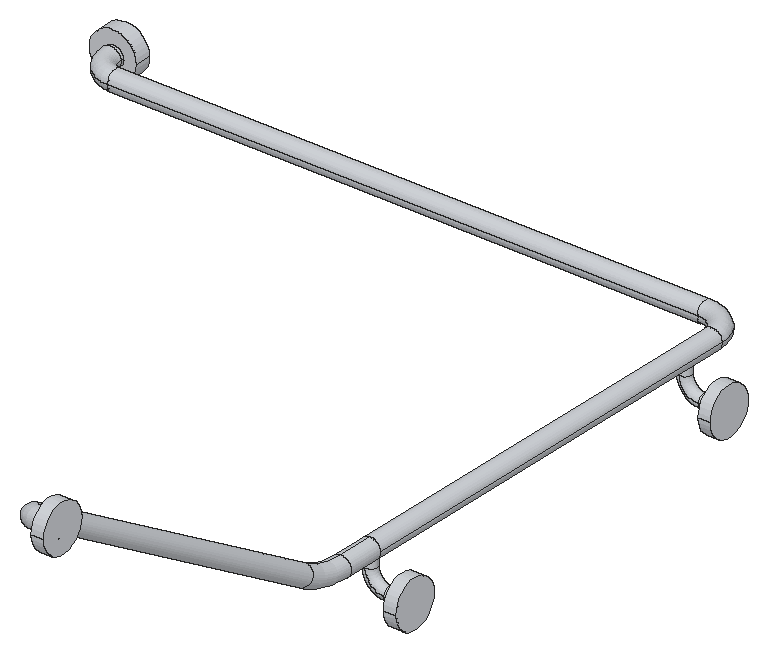
Revit family "DT1+2_Toilet Rail", category Generic Models, Revit 2013
Parameters
  URL = "http://www.surecare.com.au"
  Side A Length (Back) = 1100.0 mm
  Rail Radius = 16.0 mm
  Model = "DT1A /DT2A"
  Manufacturer = "SURE CARE"
  Description = "Toilet Grab Rail Corner with Angle upturn"
Reference planes
  plane 1 "Center (Front/Back)": y = 0
  plane 2: z = 0
  plane 3 "Center (Left/Right)": x = 0
  plane 4 "Back Rail Center": y = -71
  plane 5 "Side Rail Center": x = -71
  plane 6 "Back Rail End": x = -1100
  plane 7 "Rail Center Height": z = 784
  plane 8 "Side Rail Crank Point A": y = -900
  plane 9 "Side Rail End": y = -1500
  plane 10: z = 1145
  plane 11 "Crank Angle": through (0, -900, 784) normal (0, 0.515, 0.8572)
  plane 12 "Side Rail Bracket A": y = -175
  plane 13 "Side Rail Bracket B": y = -800
  plane 14 "Bracket Height": z = 730
  plane 15: z = 800
Forms (mm)
  Sweep 1, solid
    path origin (0, 0, 784) x (-1, 0, 0) y (0, -1, 0)
      loop
        line (1100, 0) -> (1100, 30)
        arc (1100, 30) -> (1087.991, 58.991) -> (1059, 71) r 41
        line (1059, 71) -> (121, 71)
        arc (121, 71) -> (85.645, 85.645) -> (71, 121) r 50
        line (71, 121) -> (71, 800)
    profile origin (-1100, -15, 784) x (1, 0, 0) y (0, 0, 1)
      loop
        circle (0, 0) r 16
  Sweep 2, solid
    path in 3D
      loop
        line (-71, -800, 784) -> (-71, -858.401, 784)
        arc (-71, -858.401, 784) -> (-71, -898.487, 789.455) -> (-71, -935.657, 805.425) r 150
        line (-71, -935.657, 805.425) -> (-71, -1451.886, 1115.607) -> (-71, -1459.062, 1119.918)
        arc (-71, -1459.062, 1119.918) -> (-58.991, -1483.912, 1134.85) -> (-30, -1494.205, 1141.035) r 41
        line (-30, -1494.205, 1141.035) -> (0, -1494.205, 1141.035)
    profile origin (-71, -898.487, 789.455) x (0, -0.267238, -0.96363) y (1, 0, 0)
      loop
        circle (0, 0) r 16
  Extrusion 3, solid
    sketch origin (0, 0, 0) x (1, 0, 0) y (0, 0, 1)
      loop
        circle (-1100, 784) r 37.5
    from 0 to 25
  Extrusion 4, solid
    sketch origin (0, 0, 25) x (0, 1, 0) y (0, 0, 1)
      loop
        circle (-175, 705) r 37.5
    from 0 to -20
  Extrusion 5, solid
    sketch origin (0, 0, 25) x (0, 1, 0) y (0, 0, 1)
      loop
        circle (-800, 705) r 37.5
    from 0 to -20
  Sweep 6, solid
    path origin (0, -175, 0) x (-1, 0, 0) y (0, 0, 1)
      loop
        line (71, 784) -> (71, 760)
        arc (71, 760) -> (62.213, 738.787) -> (41, 730) r 30
        line (41, 730) -> (20, 730)
    profile origin (-71, -175, 772) x (0, 1, 0) y (-1, 0, 0)
      loop
        circle (0, 0) r 10
  Sweep 7, solid
    path origin (0, -800, 0) x (-1, 0, 0) y (0, 0, 1)
      loop
        line (71, 784) -> (71, 760)
        arc (71, 760) -> (62.213, 738.787) -> (41, 730) r 30
        line (41, 730) -> (20, 730)
    profile origin (-71, -800, 772) x (0, 1, 0) y (-1, 0, 0)
      loop
        circle (0, 0) r 10
  Extrusion 8, solid
    sketch origin (0, -789.342, 312.297) x (0, 1, 0) y (0, 0, 1)
      loop
        circle (-710.658, 832.703) r 37.5
    from 0 to -20
Cuts and joins
  joined: Sweep 1, Sweep 2
Lines and regions (mm)
  reference lines
    curve 1: line (-71, -858.401, 784) -> (-71, -800, 784)
    curve 2: line (-71, -935.657, 805.425) -> (-71, -1449.957, 1114.448)
    curve 3: arc (-71, -858.401, 784) -> (-71, -898.487, 789.455) -> (-71, -935.657, 805.425) r 150
    curve 4: line (0, -1494.205, 1141.035) -> (-30, -1494.205, 1141.035)
    curve 5: line (-71, -1459.062, 1119.918) -> (-71, -1451.886, 1115.607)
    curve 6: arc (-71, -1459.062, 1119.918) -> (-58.991, -1483.912, 1134.85) -> (-30, -1494.205, 1141.035) r 41
  sketch lines
    curve 7: arc (-71, -858.401, 784) -> (-71, -898.487, 789.455) -> (-71, -935.657, 805.425) r 150
    curve 8: line (-71, -935.657, 805.425) -> (-71, -1451.886, 1115.607)
    curve 9: line (-71, -858.401, 784) -> (-71, -800, 784)
    curve 10: arc (-71, -1459.062, 1119.918) -> (-58.991, -1483.912, 1134.85) -> (-30, -1494.205, 1141.035) r 41
    curve 11: line (-71, -1459.062, 1119.918) -> (-71, -1451.886, 1115.607)
    curve 12: line (0, -1494.205, 1141.035) -> (-30, -1494.205, 1141.035)
Dimensions and locks
  plane 7 "Rail Center Height" to level = 784.0 mm
  "Side A Length (Back)": plane 6 "Back Rail End" to plane 3 "Center (Left/Right)"
  plane 9 "Side Rail End" to plane 1 "Center (Front/Back)" = 1500.0 mm
  plane 13 "Side Rail Bracket B" to plane 12 "Side Rail Bracket A" to plane 1 "Center (Front/Back)" = 625.0 mm, 175.0 mm
  plane 14 "Bracket Height" to level = 730.0 mm
  "Rail Radius": plane 15 to plane 7 "Rail Center Height"
  plane 5 "Side Rail Center" to plane 3 "Center (Left/Right)" = 71.0 mm  (x2)
  plane 1 "Center (Front/Back)" to plane 4 "Back Rail Center" = 71.0 mm
  "Rail Radius": radius of Sweep 1 sketch curve
  "Rail Radius": radius of Sweep 2 sketch curve
  angle plane 7 "Rail Center Height" to plane 11 "Crank Angle" = 31.00°
  aligned and locked: level to plane 2
  aligned and locked: Sweep 1 sketch curve to plane 6 "Back Rail End"
  aligned and locked: plane 1 "Center (Front/Back)" to Sweep 1 sketch curve
  aligned and locked: Sweep 1 sketch curve to plane 4 "Back Rail Center"
  aligned and locked: Sweep 1 sketch curve to plane 5 "Side Rail Center"
  aligned and locked: Sweep 2 to Sweep 1 sketch curve
  aligned and locked: plane 13 "Side Rail Bracket B" to Extrusion 5 sketch curve
  aligned and locked: plane 14 "Bracket Height" to Extrusion 5 sketch curve
  aligned and locked: plane 12 "Side Rail Bracket A" to Extrusion 4 sketch curve
  aligned and locked: plane 14 "Bracket Height" to Extrusion 4 sketch curve
  aligned and locked: Sweep 6 sketch curve to plane 14 "Bracket Height"
  aligned and locked: Sweep 6 sketch curve to plane 5 "Side Rail Center"
  aligned and locked: plane 7 "Rail Center Height" to Sweep 6 sketch curve
  aligned and locked: plane 10 to Extrusion 8 sketch curve
  aligned and locked: plane 9 "Side Rail End" to Extrusion 8 sketch curve
  aligned and locked: plane 7 "Rail Center Height" to curve 1
Automatic sketch dimensions
  Sweep 1 sketch curve to plane 5 "Side Rail Center" = 50.0 mm
  plane 1 "Center (Front/Back)" to Sweep 1 sketch curve = 30.0 mm
  curve 2 to plane 11 "Crank Angle" = 0.0 mm  (x2)
  curve 1 to plane 13 "Side Rail Bracket B" = 0.0 mm
  plane 7 "Rail Center Height" to curve 3 = 21.425 mm
  curve 2 to plane 10 = 30.552 mm
  plane 8 "Side Rail Crank Point A" to curve 3 = 41.599 mm
  curve 4 to plane 3 "Center (Left/Right)" = 0.0 mm
  curve 6 to plane 5 "Side Rail Center" = 0.0 mm
  curve 4 to plane 3 "Center (Left/Right)" = 30.0 mm
  curve 6 to curve 5 = 8.371 mm
  Extrusion 3 sketch curve to plane 6 "Back Rail End" = 0.0 mm
  Extrusion 3 sketch curve to plane 7 "Rail Center Height" = 0.0 mm
  plane 5 "Side Rail Center" to Sweep 6 sketch curve = 30.0 mm
  Sweep 6 sketch curve to plane 3 "Center (Left/Right)" = 20.0 mm
  Sweep 6 sketch curve to plane 12 "Side Rail Bracket A" = 0.0 mm
  Sweep 6 sketch curve to profile plane = 0.0 mm
  Sweep 7 sketch curve to plane 14 "Bracket Height" = 0.0 mm
  Sweep 7 sketch curve to plane 5 "Side Rail Center" = 0.0 mm
  Sweep 7 sketch curve to plane 7 "Rail Center Height" = 0.0 mm
  plane 5 "Side Rail Center" to Sweep 7 sketch curve = 30.0 mm
  Sweep 7 sketch curve to plane 3 "Center (Left/Right)" = 20.0 mm
  Sweep 7 sketch curve to plane 13 "Side Rail Bracket B" = 0.0 mm
  Sweep 7 sketch curve to profile plane = 0.0 mm
  Sweep 1 sketch curve to plane 7 "Rail Center Height" = 0.0 mm
  profile plane to Sweep 1 sketch curve = 0.0 mm
  Sweep 2 sketch curve to profile plane = 0.0 mm  (x2)
  radius of Extrusion 3 sketch curve = 37.5 mm
  radius of Extrusion 4 sketch curve = 37.5 mm
  radius of Extrusion 5 sketch curve = 37.5 mm
  radius of Sweep 6 sketch curve = 10.0 mm
  radius of Sweep 7 sketch curve = 10.0 mm
  radius of Extrusion 8 sketch curve = 37.5 mm
